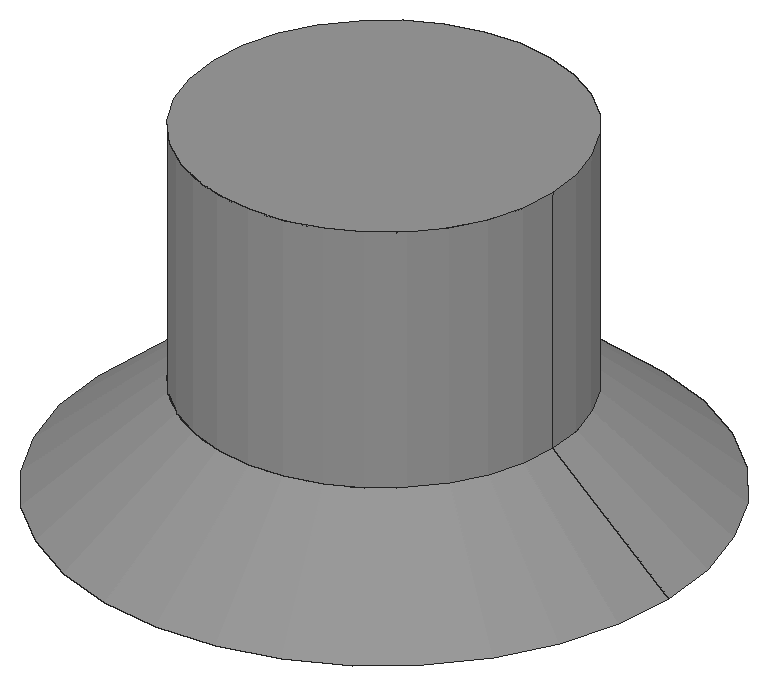
Revit family "ETNA_20W_4000K_2000LM", category Lighting Fixtures, host Ceiling, Revit 2021
Family settings
  Host = Ceiling
  Round Connector Dimension = Use Diameter
  Part Type = Normal
  OmniClass Number = 23.80.70.11
  OmniClass Title = Luminaries for Internal Lighting
  Always vertical = Yes
  Cut with Voids When Loaded = No
  Light Source = Yes
  Shared = No
  Room Calculation Point = No
Parameters (values of type "Type 1")
  Wattage = 13.4642 W
  built-in parameter 1150110 = 1 (stored number, unit not read)
  Type de lampe = "LED Citizen COB"
  Type = "Downlight"
  built-in parameter 1114217 = 1 (stored number, unit not read)
  Tilt Angle = 90.00°
  built-in parameter 1150109 = 1 (stored number, unit not read)
  built-in parameter 1150134 = 12
  built-in parameter 1150113 = 1 (stored number, unit not read)
  SDCM = "<3"
  Puissance nominale = "20W"
  Photometric Web File = "google_eulumdat_converter (15).ies"
  Matériau = "Aluminium"
  Maintien du flux = "L80B10 (50 000 heures)"
  Lumens = 2000 lm
  built-in parameter 1150115 = 1 (stored number, unit not read)
  built-in parameter 1150105 = 2269.9 (stored number, unit not read)
  built-in parameter 1150137 = (empty or 0)
  built-in parameter 1150139 = (empty or 0)
  built-in parameter 1150112 = 1 (stored number, unit not read)
  built-in parameter 1150114 = 1 (stored number, unit not read)
  built-in parameter 1150132 = 2
  built-in parameter 1150102 = (empty or 0)
  built-in parameter 1150138 = (empty or 0)
  built-in parameter 1150107 = 4000 (stored number, unit not read)
  built-in parameter 1150106 = 22.699 (stored number, unit not read)
  IRC = ">90"
  built-in parameter 1150104 = 13.8 (stored number, unit not read)
  Durée de vie = "50 000 heures"
  Driver = "Driver Philips - No Flicker"
  Dimming Lamp Color Temperature Shift = <None>
  Dimensions d’encastrement = "Ø 175 mm"
  Dimensions = "Ø 185 x 105 mm"
  Diffuseur = "Aluminium"
  Default Elevation = 0 mm
  Color Filter = 16777215
  built-in parameter 1114218 = 1 (stored number, unit not read)
  built-in parameter 1150133 = 10 (stored number, unit not read)
  Angle d'éclairage = "60°"
  Alimentation luminaire = "32-42V dc / 500mA"
  Alimentation Driver = "AC 220-240V"
Reference planes
  plane 1 "Light Source Axis (F/B)": y = 0
  plane 2: z = 0
  plane 3 "Light Source Axis (L/R)": x = 0
  plane 4 "Ceiling": z = 4000
  plane 5 "Light Source Elevation": z = 3987.548
Forms (mm)
  Blend 1, solid, material "Aluminum, blanc"
    base sketch origin (0, 0, 4000) x (0, 1, 0) y (-1, 0, 0)
      loop
        circle (0, 0) r 92.5
    top sketch origin (0, 0, 4000) x (0, 1, 0) y (-1, 0, 0)
      loop
        circle (0, 0) r 55
    from -5 to 25.769
  Blend 2, void
    base sketch origin (0, 0, 4000) x (0, 1, 0) y (-1, 0, 0)
      loop
        circle (0, 0) r 85
    top sketch origin (0, 0, 4000) x (0, 1, 0) y (-1, 0, 0)
      loop
        circle (0, 0) r 65
    from -9.351 to 11.478
  Extrusion 3, solid, material "Acrylic"
    sketch origin (0, 0, 4000) x (0, 1, 0) y (-1, 0, 0)
      loop
        circle (0, 0) r 55
    from 25.769 to 100
  Extrusion 4, solid, material "Glass, White, High Luminance"
    sketch origin (0, 0, 4000) x (0, 1, 0) y (-1, 0, 0)
      loop
        circle (0, 0) r 80.822
    from -2.575 to 0
Cuts and joins
  Blend 2 cuts Blend 1
Lines and regions (mm)
  reference lines
    curve 1: line (0, 0, 4000) -> (92.5, 0, 4000)
    curve 2: line (92.5, 0, 4000) -> (92.5, 15, 4000)
    curve 3: line (0, 0, 3995) -> (0, 0, 4100)
    curve 4: line (0, 0, 4100) -> (-10, 0, 4100)
Dimensions and locks
  equal spacing: host sketch curve, plane 3 "Light Source Axis (L/R)", host sketch curve
  equal spacing: host sketch curve, plane 1 "Light Source Axis (F/B)", host sketch curve
  host sketch curve to host sketch curve = 4000 mm  (x2)
  plane 4 "Ceiling" to host ceiling = 0 mm
  aligned and locked: plane 1 "Light Source Axis (F/B)" to imposter light
  aligned and locked: plane 5 "Light Source Elevation" to imposter light
